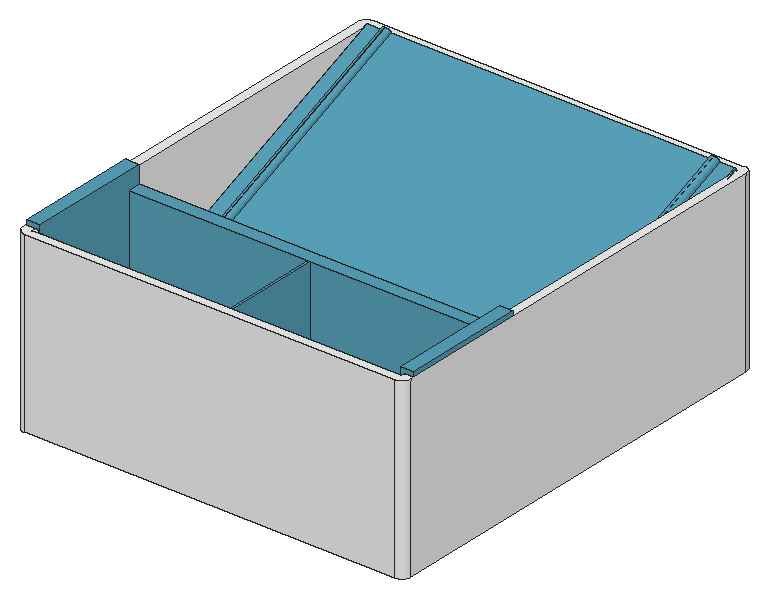
Revit family "O76002451_Lavadero Plus 45 con Estregadero y Organizador Verde", category Plumbing Fixtures, host Wall, Revit 2019
Family settings
  Host = Wall
  Round Connector Dimension = Use Diameter
  Part Type = Normal
  OmniClass Number = 23.31.13.13
  OmniClass Title = Dual Sinks
  Always vertical = Yes
  Cut with Voids When Loaded = No
  Shared = No
  Room Calculation Point = No
Parameters (values of type "Organizador Azul")
  URL = ""
  Peso Neto aprox = "17,05 kg."  # constant formula
  Peso Bruto aprox = "19,7 kg"  # constant formula
  Organizer [instance] = yes
  Model = "Lavadero Plus 45"  # constant formula
  Material Organizer = Corona_Plastico_Azul
  Material = Corona_Cerámica_Sinterizada
  Manufacturer = "Corona"  # constant formula
  Height = 950 mm
  Garantía = "3 Años (Plastico)"  # constant formula
  Description = "Llegó el momento de renovar tus espacios y llenarlos de bienestar con con los nuevos Lavaderos Corona, ¡son la mejor forma de ver tu zona de ropas agradable y organizada! Es 100 % creado en porcelana sanitaria Corona, resistente al rayado, a las manchas y al desgaste.\r\nUno de sus increíbles benefcios es que no maltrata tus manos por su suave textura. Además, cuenta con pozo de 20 cm de produndidad útil para diversas tareas del hogar. ¿Qué incluye? Canastilla, sifón y accesorios únicos que dan funcionalidad al espacio del lavadero como tapa/estregadero y organizador."  # constant formula
  Date Created = "09/07/2020"  # constant formula
  Created by = "IDD"  # constant formula
  Capacidad de carga = "Hasta 100 kg."  # constant formula
  Altura de instalación Según Norma = "950 mm (37.4 Pulg)"  # constant formula
Types (3, lengths in mm): name | URL | Material Organizer
  Organizador Azul | "" | Corona_Plastico_Azul
  Organizador Verde | "https://corona.co/productos/lavaderos/lavadero-plus-45-con-estregadero-y-organizador/p/O76002451" | Corona_Plastico_Verde
  Organizador Taupe | "" | Corona_Plastico_Taupe
Reference planes
  plane 1: y = 0
  plane 2 "Center (Left/Right)": x = 125
  plane 3 "Back": y = 75
  plane 4: z = 950
  plane 5 "2": x = -94.5
  plane 6 "3": x = 344.5
  plane 7: y = 568
Text (mm)
  text "Placement side" at (-1787.139, 592.35, 0), in view "Ref. Level"
  text "Placement side" at (0, 1827.695, 2917.686), in view "Left"
  text "Placement side" at (0, 562.268, 3853.606), in view "Right"
Dimensions and locks
  locked: plane 3 "Back" to host wall at 0
  "Height": plane 4 to level
  plane 5 "2" to plane 6 "3" = 439 mm
  plane 3 "Back" to plane 7 = 493 mm
  aligned and locked: host wall to plane 1
  aligned and locked: nested 1 to plane 3 "Back"
  aligned and locked: plane 4 to nested 1
  aligned and locked: nested 2 to plane 3 "Back"
  aligned and locked: nested 2 to plane 6 "3"
  aligned and locked: plane 5 "2" to nested 2
  aligned and locked: plane 6 "3" to nested 3
  aligned and locked: plane 4 to nested 3
  aligned and locked: plane 4 to nested 4
  aligned and locked: plane 7 to nested 4
  aligned and locked: plane 3 "Back" to nested 4
Nested families
  nested 1: "Lavadero_Apared_Plus_45cm_Corona" at (125, 75, 750) x (-1, 0, 0) z (0, 0, 1), type "Organizer"
  nested 2: "Family1" at (125, 321.5, 0), type "Family1"
  nested 3: "Family2" at (125, 75, 750) x (-1, 0, 0) z (0, -1, 0), type "Family2"
  nested 4: "left" at (125, 321.5, 750) x (0, -1, 0) z (1, 0, 0), type "left"
Connectors
  piping at (125, 170, 734.686), diameter 38.1
    settings: on nested 1, index 1, connector inside diameter 609.6 mm, connector length 0 mm, flow factor 0, pipe flow 0.0 L/s, pressure drop 0.0 Pa, fitting loss kfactor 0, connector angle 0.00°, fixture units 0, engagement length 0 mm, angle of deflection 0.00°, flow configuration 0, flow direction 0, fitting loss method 0, system type 16, joint type 0, gender type 0, connector reference index -1, connector utility 0, adjustable connector no, is connector primary yes, connector description ""
Definition of nested family "Lavadero_Apared_Plus_45cm_Corona"
  Parameters (values of type "Organizer")
    Width = 439 mm
    Organizer = yes
    Material Organizer = none
    Material = none
    Depth = 493 mm
  Reference planes
    plane 1 "Center (Front/Back)": y = 0
    plane 2: z = 0
    plane 3 "Center (Left/Right)": x = 0
    plane 4 "Center L/S": y = -493
    plane 5 "Center L/T": x = 219.5
    plane 6 "Center L/U": x = -219.5
    plane 7: z = 200
    plane 8 "Center L/V": y = -95
  Forms (mm)
    Extrusion 1, solid, material <- "Material", detail levels medium+fine
      sketch origin (0, 0, 0) x (1, 0, 0) y (0, 1, 0)
        loop
          arc (-209.5, 0) -> (-216.571, -2.929) -> (-219.5, -10) r 10
          line (-219.5, -10) -> (-219.5, -483)
          arc (-219.5, -483) -> (-216.571, -490.071) -> (-209.5, -493) r 10
          line (-209.5, -493) -> (209.5, -493)
          arc (209.5, -493) -> (216.571, -490.071) -> (219.5, -483) r 10
          line (219.5, -483) -> (219.5, -10)
          arc (219.5, -10) -> (216.571, -2.929) -> (209.5, 0) r 10
          line (209.5, 0) -> (-209.5, 0)
      from 0 to 200
    Extrusion 2, void
      sketch origin (0, 0, 0) x (1, 0, 0) y (0, 1, 0)
        loop
          line (-204.5, -15) -> (-204.5, -478) -> (204.5, -478) -> (204.5, -15) -> (-204.5, -15)
      from 10 to 200
    Extrusion 3, void
      sketch origin (5, 0, 0) x (0, 1, 0) y (0, 0, -1)
        loop
          line (-15, -10) -> (-483, -200) -> (-15, -200) -> (-15, -10)
      from 209.5 to 213.862
    Extrusion 4, void
      sketch origin (0, 0, 0) x (1, 0, 0) y (0, 0, 1)
        loop
          line (-208.862, 10) -> (208.862, 200) -> (-208.862, 200) -> (-208.862, 10)
      from 10 to 15
    Extrusion 5, void
      sketch origin (0, -488, 0) x (1, 0, 0) y (0, 0, -1)
        loop
          line (-204.5, -10) -> (-204.5, -200) -> (204.5, -200) -> (-204.5, -10)
      from 4.896 to 10
    Extrusion 6, void
      sketch origin (-5, 0, 0) x (0, 1, 0) y (0, 0, 1)
        loop
          line (-15, 10) -> (-15, 200) -> (-483.104, 200) -> (-15, 10)
      from 209.5 to 213.862
    Extrusion 7, void
      sketch origin (0, 0, 0) x (1, 0, 0) y (0, 1, 0)
        loop
          circle (0, -95) r 38.5
      from 0 to 10
    Extrusion 8, solid, material <- "Material", detail levels coarse
      sketch origin (0, 0, 0) x (1, 0, 0) y (0, 1, 0)
        loop
          arc (-209.5, 0) -> (-216.571, -2.929) -> (-219.5, -10) r 10
          line (-219.5, -10) -> (-219.5, -483)
          arc (-219.5, -483) -> (-216.571, -490.071) -> (-209.5, -493) r 10
          line (-209.5, -493) -> (209.5, -493)
          arc (209.5, -493) -> (216.571, -490.071) -> (219.5, -483) r 10
          line (219.5, -483) -> (219.5, -10)
          arc (219.5, -10) -> (216.571, -2.929) -> (209.5, 0) r 10
          line (209.5, 0) -> (-209.5, 0)
      from 0 to 200
  Cuts and joins
    Extrusion 2, Extrusion 3, Extrusion 4, Extrusion 5, Extrusion 6, Extrusion 7 cuts Extrusion 1
  Dimensions and locks
    equal spacing: plane 6 "Center L/U", plane 3 "Center (Left/Right)", plane 5 "Center L/T"
    "Width": plane 6 "Center L/U" to plane 5 "Center L/T"
    "Depth": plane 4 "Center L/S" to plane 1 "Center (Front/Back)"
    aligned and locked: level to plane 2
    aligned and locked: plane 1 "Center (Front/Back)" to Extrusion 1 sketch curve
    aligned and locked: Extrusion 1 sketch curve to plane 5 "Center L/T"
    aligned and locked: Extrusion 1 sketch curve to plane 4 "Center L/S"
    aligned and locked: plane 6 "Center L/U" to Extrusion 1 sketch curve
    aligned and locked: plane 7 to Extrusion 1
    aligned and locked: plane 7 to cut or joined group of Extrusion 1, Extrusion 2, Extrusion 3, Extrusion 4, Extrusion 5, Extrusion 6, Extrusion 7
    aligned and locked: Extrusion 7 to Extrusion 2
    aligned and locked: plane 5 "Center L/T" to Extrusion 8
    aligned and locked: plane 4 "Center L/S" to Extrusion 8
    aligned and locked: Extrusion 8 to plane 6 "Center L/U"
    aligned and locked: Extrusion 8 to plane 1 "Center (Front/Back)"
  Automatic sketch dimensions
    plane 6 "Center L/U" to Extrusion 1 sketch curve = 10 mm  (x2)
    Extrusion 1 sketch curve to plane 5 "Center L/T" = 10 mm  (x2)
    plane 6 "Center L/U" to Extrusion 2 sketch curve = 15 mm
    Extrusion 2 sketch curve to plane 5 "Center L/T" = 15 mm
    Extrusion 2 sketch curve to plane 4 "Center L/S" = 15 mm
    plane 1 "Center (Front/Back)" to Extrusion 2 sketch curve = 15 mm
    Extrusion 3 sketch curve to plane 7 = 0 mm
    Extrusion 3 sketch curve to plane 4 "Center L/S" = 10 mm
    plane 1 "Center (Front/Back)" to Extrusion 3 sketch curve = 15 mm
    level to Extrusion 3 sketch curve = 10 mm
    Extrusion 4 sketch curve to plane 7 = 0 mm
    plane 6 "Center L/U" to Extrusion 4 sketch curve = 10.638 mm
    Extrusion 4 sketch curve to plane 5 "Center L/T" = 10.638 mm
    level to Extrusion 4 sketch curve = 10 mm
    Extrusion 5 sketch curve to plane 7 = 0 mm
    plane 6 "Center L/U" to Extrusion 5 sketch curve = 15 mm
    Extrusion 5 sketch curve to plane 5 "Center L/T" = 15 mm
    level to Extrusion 5 sketch curve = 10 mm
    Extrusion 6 sketch curve to plane 7 = 0 mm
    Extrusion 6 sketch curve to plane 4 "Center L/S" = 9.896 mm
    plane 1 "Center (Front/Back)" to Extrusion 6 sketch curve = 15 mm
    level to Extrusion 6 sketch curve = 10 mm
    plane 8 "Center L/V" to Extrusion 7 sketch curve = 0 mm
    plane 3 "Center (Left/Right)" to Extrusion 7 sketch curve = 0 mm
    Extrusion 8 sketch curve to plane 6 "Center L/U" = 0 mm
    plane 4 "Center L/S" to Extrusion 8 sketch curve = 0 mm
    plane 1 "Center (Front/Back)" to Extrusion 8 sketch curve = 0 mm
    Extrusion 8 sketch curve to plane 5 "Center L/T" = 0 mm
    plane 6 "Center L/U" to Extrusion 8 sketch curve = 10 mm  (x2)
    Extrusion 8 sketch curve to plane 5 "Center L/T" = 10 mm  (x2)
    radius of Extrusion 7 sketch curve = 38.5 mm
  Nested families
    nested 1: "laundry lid" at (0, -20.06, 13.2), visible <- "Organizer", type "Org Verde", detail levels medium+fine
    nested 2: "Organizer" at (0.138, -85, 90), visible <- "Organizer", type "Verde", detail levels medium+fine
    nested 3: "Canastilla Lavadero" at (0, -95, -15.314), type "Canastilla Lavadero", detail levels medium+fine
  Definition of nested family "laundry lid"
    Parameters (values of type "Org Azul")
      Laundry dil = none
    Types (4): name
      (no name)
      Org Verde
      Org Azul
      Org Taupe
    Reference planes
      plane 1 "Center (Front/Back)": y = 0
      plane 2: z = 0
      plane 3 "Center (Left/Right)": x = 0
    Forms (mm)
      Sweep 1, solid, material <- "Laundry dil"
        path origin (0, -77.512, -185.607) x (1, 0, 0) y (0, 0.926529, -0.376224)
          loop
            line (0, -497.302) -> (0, -0.802)
        profile origin (0, -308.265, -91.908) x (-1, 0, 0) y (0, 0.376224, 0.926529)
          loop
            arc (207.362, 200) -> (208.423, 200.439) -> (208.862, 201.5) r 1.5
            arc (208.862, 201.5) -> (208.423, 202.561) -> (207.362, 203) r 1.5
            line (207.362, 203) -> (190.66, 203)
            arc (190.66, 203) -> (185.66, 208) -> (180.66, 203) r 5
            line (180.66, 203) -> (-180.66, 203)
            arc (-180.66, 203) -> (-185.66, 208) -> (-190.66, 203) r 5
            line (-190.66, 203) -> (-207.362, 203)
            arc (-207.362, 203) -> (-208.423, 202.561) -> (-208.862, 201.5) r 1.5
            arc (-208.862, 201.5) -> (-208.423, 200.439) -> (-207.362, 200) r 1.5
            line (-207.362, 200) -> (207.362, 200)
          loop
            arc (188.66, 203) -> (185.66, 206) -> (182.66, 203) r 3
            line (182.66, 203) -> (188.66, 203)
          loop
            line (-188.66, 203) -> (-182.66, 203)
            arc (-182.66, 203) -> (-185.66, 206) -> (-188.66, 203) r 3
    Dimensions and locks
      aligned and locked: level to plane 2
  Definition of nested family "Organizer"
    Parameters (values of type "Taupe")
      Width = 418 mm
      Organizer = none
      Depth = 120 mm
    Types (4): name
      (no name)
      Verde
      Taupe
      Azul
    Reference planes
      plane 1 "Center (Front/Back)": y = 0
      plane 2: z = 0
      plane 3 "Center (Left/Right)": x = 0
      plane 4: y = 60
      plane 5: y = -60
      plane 6: x = -209
      plane 7: x = 209
      plane 8: y = -70
      plane 9: y = 70
    Forms (mm)
      Extrusion 1, solid, material <- "Organizer"
        sketch origin (90.15, -147.034, 0) x (1, 0, 0) y (0, 1, 0)
          loop
            line (-299.15, 207.034) -> (-299.15, 87.034) -> (118.85, 87.034) -> (118.85, 207.034) -> (-299.15, 207.034)
        from 0 to 95
      Extrusion 2, void
        sketch origin (0, 0, 0) x (1, 0, 0) y (0, 1, 0)
          loop
            line (204, 55) -> (1.5, 55) -> (1.5, -55) -> (204, -55) -> (204, 55)
          loop
            line (-204, 55) -> (-204, -55) -> (-1.5, -55) -> (-1.5, 55) -> (-204, 55)
        from 10 to 95
      Extrusion 3, solid, material <- "Organizer"
        sketch origin (0, 0, -35) x (1, 0, 0) y (0, 0, 1)
          loop
            line (209, 125) -> (209, 145) -> (219, 145) -> (219, 150) -> (204, 150) -> (204, 130) -> (-204, 130) -> (-204, 150) -> (-219, 150) -> (-219, 145) -> (-209, 145) -> (-209, 125) -> (209, 125)
        from -70 to 70
      Extrusion 4, void
        sketch origin (0, 0, 0) x (0, 1, 0) y (0, 0, 1)
          loop
            arc (-50, 0) -> (-57.071, 2.929) -> (-60, 10) r 10
            line (-60, 10) -> (-60, 0) -> (-50, 0)
          loop
            line (50, 0) -> (60, 0) -> (60, 10)
            arc (60, 10) -> (57.071, 2.929) -> (50, 0) r 10
        from -209 to 209
    Cuts and joins
      Extrusion 2, Extrusion 4 cuts Extrusion 1
      Extrusion 2, Extrusion 4 cuts Extrusion 3
      joined: Extrusion 1, Extrusion 3
    Dimensions and locks
      equal spacing: plane 4, plane 1 "Center (Front/Back)", plane 5
      equal spacing: plane 6, plane 3 "Center (Left/Right)", plane 7
      "Width": plane 6 to plane 7
      "Depth": plane 4 to plane 5
      aligned and locked: level to plane 2
      aligned and locked: plane 6 to Extrusion 1 sketch curve
      aligned and locked: Extrusion 1 sketch curve to plane 7
      aligned and locked: Extrusion 1 sketch curve to plane 4
      aligned and locked: plane 5 to Extrusion 1 sketch curve
      aligned and locked: cut or joined group of Extrusion 1, Extrusion 2, Extrusion 3, Extrusion 4 to cut or joined group of Extrusion 1, Extrusion 2, Extrusion 3, Extrusion 4
      aligned and locked: Extrusion 3 to plane 8
      aligned and locked: plane 9 to Extrusion 3
      aligned and locked: Extrusion 1 to Extrusion 4
      aligned and locked: Extrusion 4 to Extrusion 1
    Automatic sketch dimensions
      plane 6 to Extrusion 2 sketch curve = 5 mm
      plane 5 to Extrusion 2 sketch curve = 5 mm
      Extrusion 2 sketch curve to plane 7 = 5 mm
      Extrusion 2 sketch curve to plane 3 "Center (Left/Right)" = 1.5 mm
      Extrusion 2 sketch curve to Extrusion 2 sketch curve = 0 mm  (x2)
      Extrusion 2 sketch curve to plane 4 = 5 mm
      plane 3 "Center (Left/Right)" to Extrusion 2 sketch curve = 1.5 mm
      Extrusion 3 sketch curve to plane 6 = 0 mm
      Extrusion 3 sketch curve to plane 7 = 0 mm
      Extrusion 3 sketch curve to Extrusion 3 sketch curve = 10 mm  (x2)
      level to Extrusion 3 sketch curve = 90 mm
      Extrusion 3 sketch curve to Extrusion 3 sketch curve = 20 mm  (x2)
      Extrusion 3 sketch curve to Extrusion 3 sketch curve = 5 mm  (x3)
      plane 6 to Extrusion 3 sketch curve = 5 mm
      Extrusion 3 sketch curve to plane 7 = 5 mm
      Extrusion 4 sketch curve to level = 0 mm  (x2)
      Extrusion 4 sketch curve to plane 5 = 0 mm
      Extrusion 4 sketch curve to plane 4 = 0 mm
      plane 5 to Extrusion 4 sketch curve = 10 mm
      Extrusion 4 sketch curve to Extrusion 4 sketch curve = 10 mm
  Definition of nested family "Canastilla Lavadero"
    Parameters (values of type "Canastilla Lavadero")
      Material = none
    Reference planes
      plane 1 "Center (Front/Back)": y = 0
      plane 2: z = 0
      plane 3 "Center (Left/Right)": x = 0
    Forms (mm)
      Revolve 1, solid, material <- "Material"
        sketch origin (0, 0, 0) x (1, 0, 0) y (0, 0, 1)
          loop
            line (-26.595, 26.918) -> (-38.5, 26.918) -> (-38.5, 25.314) -> (-36.628, 25.314) -> (-36.628, 24.512) -> (-33.153, 24.512) -> (-33.153, 21.838) -> (-30.977, 15.519) -> (-28.87, 15.147) -> (-28.87, 11.939) -> (-27.713, 11.27) -> (-27.713, 9.934) -> (-26.865, 9.934) -> (-26.865, 7.388) -> (-17.652, 3.286) -> (-16.315, 3.286) -> (-15.184, 0) -> (0, 0) -> (0, 21.204) -> (-5.81, 21.204)
            arc (-5.81, 21.204) -> (-6.163, 21.058) -> (-6.31, 20.704) r 0.5
            line (-6.31, 20.704) -> (-6.31, 19.645)
            arc (-6.31, 19.645) -> (-6.163, 19.292) -> (-5.81, 19.145) r 0.5
            line (-5.81, 19.145) -> (-3.119, 19.145) -> (-3.119, 18.241) -> (-4.218, 18.241) -> (-4.821, 14.686) -> (-19.481, 14.686)
            arc (-19.481, 14.686) -> (-20.699, 15.099) -> (-21.413, 16.168) r 2
            line (-21.413, 16.168) -> (-23.698, 24.695)
            arc (-23.698, 24.695) -> (-24.769, 26.298) -> (-26.595, 26.918) r 3
          axis (0, 26.918) -> (0, 0)
        angle from 0 to 360
    Dimensions and locks
      aligned and locked: level to plane 2
      aligned and locked: Revolve 1 sketch curve to plane 3 "Center (Left/Right)"
      aligned and locked: Revolve 1 sketch curve to plane 2
Definition of nested family "Family1"
  Parameters (values of type "Family1")
    Espesor = 493 mm
    Ancho = 439 mm
  Reference planes
    plane 1 "Center (Front/Back)": y = 0
    plane 2: z = 0
    plane 3 "Center (Left/Right)": x = 0
    plane 4 "Center (F/C": x = 219.5
    plane 5 "Center (F/D": x = -219.5
    plane 6 "Center (F/E": y = 246.5
    plane 7 "Center (F/F": y = -246.5
    plane 8 "Center (F/G": y = -151.5
  Lines and regions (mm)
    detail lines, in view "Ref. Level"
      curve 1: line (-209.5, 246.5, 0) -> (209.5, 246.5, 0)
      curve 2: line (-219.5, -236.5, 0) -> (-219.5, 236.5, 0)
      curve 3: line (209.5, -246.5, 0) -> (-209.5, -246.5, 0)
      curve 4: line (219.5, 236.5, 0) -> (219.5, -236.5, 0)
      curve 5: arc (-219.5, 236.5, 0) -> (-216.571, 243.571, 0) -> (-209.5, 246.5, 0) r 10
      curve 6: arc (209.5, 246.5, 0) -> (216.571, 243.571, 0) -> (219.5, 236.5, 0) r 10
      curve 7: arc (219.5, -236.5, 0) -> (216.571, -243.571, 0) -> (209.5, -246.5, 0) r 10
      curve 8: arc (-209.5, -246.5, 0) -> (-216.571, -243.571, 0) -> (-219.5, -236.5, 0) r 10
      curve 9: line (-209.5, -236.5, 0) -> (-209.5, 236.5, 0)
      curve 10: line (209.5, -236.5, 0) -> (-209.5, -236.5, 0)
      curve 11: line (209.5, 236.5, 0) -> (209.5, -236.5, 0)
      curve 12: circle (0, -151.5, 0) r 38.5 normal (0, 0, 1)
      curve 13: circle (0, -151.5, 0) r 28 normal (0, 0, 1)
  Dimensions and locks
    equal spacing: plane 5 "Center (F/D", plane 3 "Center (Left/Right)", plane 4 "Center (F/C"
    "Ancho": plane 5 "Center (F/D" to plane 4 "Center (F/C"
    equal spacing: plane 7 "Center (F/F", plane 1 "Center (Front/Back)", plane 6 "Center (F/E"
    "Espesor": plane 7 "Center (F/F" to plane 6 "Center (F/E"
    locked: plane 7 "Center (F/F" to plane 8 "Center (F/G" at 95
    aligned and locked: plane 6 "Center (F/E" to curve 1
    aligned and locked: plane 5 "Center (F/D" to curve 2
    aligned and locked: curve 3 to plane 7 "Center (F/F"
    aligned and locked: curve 4 to plane 4 "Center (F/C"
  Automatic sketch dimensions
    curve 12 to curve 13 = 0 mm  (x2)
    curve 12 to plane 3 "Center (Left/Right)" = 0 mm
    plane 8 "Center (F/G" to curve 13 = 0 mm
    plane 5 "Center (F/D" to curve 9 = 10 mm
    curve 5 to curve 9 = 0 mm
    plane 5 "Center (F/D" to curve 3 = 10 mm
    curve 7 to plane 4 "Center (F/C" = 10 mm
    curve 11 to curve 7 = 0 mm  (x2)
    curve 6 to curve 11 = 0 mm
    curve 11 to curve 6 = 0 mm
    curve 9 to curve 5 = 0 mm
    radius of curve 12 = 38.5 mm
    radius of curve 13 = 28 mm
Definition of nested family "Family2"
  Parameters (values of type "Family2")
    Ancho = 439 mm
    Alto = 200 mm
  Reference planes
    plane 1 "Center (Front/Back)": y = 0
    plane 2: z = 0
    plane 3 "Center (Left/Right)": x = 0
    plane 4 "Center (F/D": y = -200
    plane 5 "Center (F/E": x = 219.5
    plane 6 "Center (F/F": x = -219.5
  Lines and regions (mm)
    detail lines, in view "Ref. Level"
      curve 1: line (-219.5, 0, 0) -> (219.5, 0, 0)
      curve 2: line (-219.5, -200, 0) -> (-219.5, 0, 0)
      curve 3: line (219.5, -200, 0) -> (-219.5, -200, 0)
      curve 4: line (219.5, 0, 0) -> (219.5, -200, 0)
  Dimensions and locks
    equal spacing: plane 6 "Center (F/F", plane 3 "Center (Left/Right)", plane 5 "Center (F/E"
    "Ancho": plane 6 "Center (F/F" to plane 5 "Center (F/E"
    "Alto": plane 4 "Center (F/D" to plane 1 "Center (Front/Back)"
    aligned and locked: plane 1 "Center (Front/Back)" to curve 1
    aligned and locked: curve 4 to plane 5 "Center (F/E"
    aligned and locked: curve 3 to plane 4 "Center (F/D"
    aligned and locked: plane 6 "Center (F/F" to curve 2
Definition of nested family "left"
  Parameters (values of type "left")
    Ancho = 493 mm
    Alto = 200 mm
  Reference planes
    plane 1 "Center (Front/Back)": y = 0
    plane 2: z = 0
    plane 3 "Center (Left/Right)": x = 0
    plane 4 "Center (F/D": y = -200
    plane 5 "Center (F/E": x = 246.5
    plane 6 "Center (F/F": x = -246.5
  Lines and regions (mm)
    detail lines, in view "Ref. Level"
      curve 1: line (-246.5, 0, 0) -> (246.5, 0, 0)
      curve 2: line (-246.5, -200, 0) -> (-246.5, 0, 0)
      curve 3: line (246.5, -200, 0) -> (-246.5, -200, 0)
      curve 4: line (246.5, 0, 0) -> (246.5, -200, 0)
  Dimensions and locks
    equal spacing: plane 6 "Center (F/F", plane 3 "Center (Left/Right)", plane 5 "Center (F/E"
    "Ancho": plane 6 "Center (F/F" to plane 5 "Center (F/E"
    "Alto": plane 4 "Center (F/D" to plane 1 "Center (Front/Back)"
    aligned and locked: plane 1 "Center (Front/Back)" to curve 1
    aligned and locked: curve 4 to plane 5 "Center (F/E"
    aligned and locked: curve 3 to plane 4 "Center (F/D"
    aligned and locked: plane 6 "Center (F/F" to curve 2
